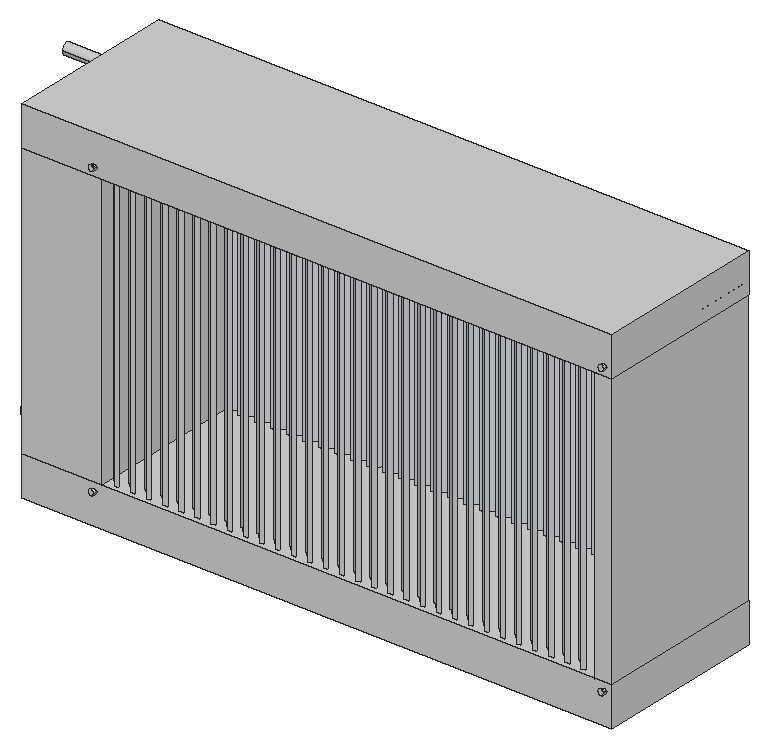
Revit family "НЕВАТОМ_Охладитель OWP-L_20220407", category Оборудование, Revit 2017
Family settings
  Размер круглого соединителя = Использовать диаметр
  Тип детали = Вставляется
  На основе рабочей плоскости = Нет
  Всегда вертикально = Нет
  При загрузке вырезать с полостями = Нет
  Общий = Нет
  Точка расчета площади = Нет
Parameters (values of type "OWP 900-500/4")
  Толщина крышки = 50 mm  # constant formula
  Материал корпуса = Материал корпуса
  t = 2 mm  # constant formula
  l = 30 mm
  d = 20 mm  # constant formula
  Nevatom_Частотный преобразователь = ""
  Nevatom_Регулятор расхода = ""
  Nevatom_URL = "https://t.me/NEVATOM_Bim_bot"
  Nevatom_ Для задания электроснабжения = ""
  N = D / 30 mm  # 31
  K = 1195 mm
  F = 43 mm  # constant formula
  С пр. сеч = 500 mm
  E = 519 mm
  D пр.сеч = 900 mm
  D = 930 mm
  ADSK_Размер_Ширина = 312 mm  # constant formula
  ADSK_Размер_Длина = K  # 1195 mm
  ADSK_Размер_Высота = B  # 643 mm
  ADSK_Материал наименование = "Оцинкованная сталь"  # constant formula
  A = 1076 mm
  C = 530 mm
  B = 643 mm
  ADSK_Ток = 0 A
  ADSK_Полная мощность = 0 kW
  ADSK_Напряжение = 0 V
  ADSK_Расход воздуха = 5500.0 m³/h
  ADSK_Примечание = ""
  ADSK_Потеря давления воздуха = 96.0 Pa
  ADSK_Позиция = ""
  ADSK_Наименование = "ОХЛАДИТЕЛЬ ВОДЯНОЙ"
  ADSK_Масса_Текст = "46,6 кг"
  ADSK_Масса = 46.6
  ADSK_Марка = "OWP 900-500/4-L"
  ADSK_Код изделия = ""
  ADSK_Завод-изготовитель = "NEVATOM"
  ADSK_Единица измерения = "шт."
  5 = 5 mm  # constant formula
  312 = 312 mm  # constant formula
Types (28, lengths in mm): name | N | K | С пр. сеч | E | D пр.сеч | D | ADSK_Размер_Длина | ADSK_Размер_Высота | A | C | B | ADSK_Расход воздуха | ADSK_Потеря давления воздуха | ADSK_Масса_Текст | ADSK_Масса | ADSK_Марка
  (no name) | 31 | 1195 | 500 | 519 | 900 | 930 | 1195 | 643 | 1076 | 530 | 643 | 5500.0 m³/h | 96.0 Pa | "46,6 кг" | 46.6 | "OWP 900-500/4-L"
  OWP 400-200/2 | 14 | 675 | 200 | 219 | 400 | 420 | 675 | 333 | 556 | 220 | 333 | 800.0 m³/h | 31.0 Pa | "17,7 кг" | 17.7 | "ОWP–400*200/2-L"
  OWP 400-200/3 | 14 | 675 | 200 | 219 | 400 | 420 | 675 | 333 | 556 | 220 | 333 | 800.0 m³/h | 47.0 Pa | "17,7 кг" | 17.7 | "ОWP–400*200/3-L"
  OWP 400-200/4 | 14 | 675 | 200 | 219 | 400 | 420 | 675 | 333 | 556 | 220 | 333 | 800.0 m³/h | 67.0 Pa | "18,7 кг" | 18.7 | "ОWP–400*200/4-L"
  OWP 500-250/2 | 17 | 775 | 250 | 269 | 500 | 520 | 775 | 383 | 656 | 270 | 383 | 1250.0 m³/h | 31.0 Pa | "21,4 кг" | 21.4 | "OWP 500-250/2-L"
  OWP 500-250/3 | 17 | 775 | 250 | 269 | 500 | 520 | 775 | 383 | 656 | 270 | 383 | 1250.0 m³/h | 51.0 Pa | "21,2 кг" | 21.2 | "OWP 500-250/3-L"
  OWP 500-250/4 | 17 | 775 | 250 | 269 | 500 | 520 | 775 | 383 | 656 | 270 | 383 | 1250.0 m³/h | 72.0 Pa | "23 кг" | 23 | "OWP 500-250/4-L"
  OWP 500-300/2 | 17 | 775 | 300 | 319 | 500 | 520 | 775 | 433 | 656 | 320 | 433 | 1600.0 m³/h | 35.0 Pa | "23,1 кг" | 23.1 | "OWP 500-300/2-L"
  OWP 500-300/3 | 17 | 775 | 300 | 319 | 500 | 520 | 775 | 433 | 656 | 320 | 433 | 1600.0 m³/h | 58.0 Pa | "22,7 кг" | 22.7 | "OWP 500-300/3-L"
  OWP 500-300/4 | 17 | 775 | 300 | 319 | 500 | 520 | 775 | 433 | 656 | 320 | 433 | 1600.0 m³/h | 79.0 Pa | "24,9 кг" | 24.9 | "OWP 500-300/4-L"
  OWP 600-300/2 | 21 | 875 | 300 | 319 | 600 | 620 | 875 | 433 | 756 | 320 | 433 | 1850.0 m³/h | 37.0 Pa | "25,1 кг" | 25.1 | "OWP 600-300/2-L"
  OWP 600-300/3 | 21 | 875 | 300 | 319 | 600 | 620 | 875 | 433 | 756 | 320 | 433 | 1850.0 m³/h | 56.0 Pa | "25,2 кг" | 25.2 | "OWP 600-300/3-L"
  OWP 600-300/4 | 21 | 875 | 300 | 319 | 600 | 620 | 875 | 433 | 756 | 320 | 433 | 1850.0 m³/h | 73.0 Pa | "27,6 кг" | 27.6 | "OWP 600-300/4-L"
  OWP 600-350/2 | 21 | 875 | 350 | 369 | 600 | 620 | 875 | 483 | 756 | 370 | 483 | 2150.0 m³/h | 37.0 Pa | "27,0 кг" | 27 | "OWP 600-350/2-L"
  OWP 600-350/3 | 21 | 875 | 350 | 369 | 600 | 620 | 875 | 483 | 756 | 370 | 483 | 2150.0 m³/h | 56.0 Pa | "26,7 кг" | 26.7 | "OWP 600-350/3-L"
  OWP 600-350/4 | 21 | 875 | 350 | 369 | 600 | 620 | 875 | 483 | 756 | 370 | 483 | 2150.0 m³/h | 74.0 Pa | "29,6 кг" | 29.6 | "OWP 600-350/4-L"
  OWP 700-400/2 | 24 | 975 | 400 | 419 | 700 | 720 | 975 | 523 | 856 | 420 | 523 | 3500.0 m³/h | 55.0 Pa | "31,0 кг" | 31 | "OWP 700-400/2-L"
  OWP 700-400/3 | 24 | 975 | 400 | 419 | 700 | 720 | 975 | 523 | 856 | 420 | 523 | 3500.0 m³/h | 80.0 Pa | "30,6 кг" | 30.6 | "OWP 700-400/3-L"
  OWP 700-400/4 | 24 | 975 | 400 | 419 | 700 | 720 | 975 | 523 | 856 | 420 | 523 | 3500.0 m³/h | 104.0 Pa | "34,6 кг" | 34.6 | "OWP 700-400/4-L"
  OWP 800-500/2 | 28 | 1095 | 500 | 519 | 800 | 830 | 1095 | 643 | 976 | 530 | 643 | 5000.0 m³/h | 56.0 Pa | "38,2 кг" | 38.2 | "OWP 800-500/2-L"
  OWP 800-500/3 | 28 | 1095 | 500 | 519 | 800 | 830 | 1095 | 643 | 976 | 530 | 643 | 5000.0 m³/h | 81.0 Pa | "37,3 кг" | 37.3 | "OWP 800-500/3-L"
  OWP 800-500/4 | 28 | 1095 | 500 | 519 | 800 | 830 | 1095 | 643 | 976 | 530 | 643 | 5000.0 m³/h | 97.0 Pa | "43,1 кг" | 43.1 | "OWP 800-500/4-L"
  OWP 900-500/2 | 31 | 1195 | 500 | 519 | 900 | 930 | 1195 | 643 | 1076 | 530 | 643 | 5500.0 m³/h | 54.0 Pa | "42,1 кг" | 42.1 | "OWP 900-500/2-L"
  OWP 900-500/3 | 31 | 1195 | 500 | 519 | 900 | 930 | 1195 | 643 | 1076 | 530 | 643 | 5500.0 m³/h | 77.0 Pa | "39,6 кг" | 39.6 | "OWP 900-500/3-L"
  OWP 900-500/4 | 31 | 1195 | 500 | 519 | 900 | 930 | 1195 | 643 | 1076 | 530 | 643 | 5500.0 m³/h | 96.0 Pa | "46,6 кг" | 46.6 | "OWP 900-500/4-L"
  OWP 1000-500/2 | 34 | 1295 | 500 | 519 | 1000 | 1030 | 1295 | 643 | 1176 | 530 | 643 | 6000.0 m³/h | 54.0 Pa | "45,2 кг" | 45.2 | "OWP 1000-500/2-L"
  OWP 1000-500/3 | 34 | 1295 | 500 | 519 | 1000 | 1030 | 1295 | 643 | 1176 | 530 | 643 | 6000.0 m³/h | 77.0 Pa | "42,4 кг" | 42.4 | "OWP 1000-500/3-L"
  OWP 1000-500/4 | 34 | 1295 | 500 | 519 | 1000 | 1030 | 1295 | 643 | 1176 | 530 | 643 | 6000.0 m³/h | 95.0 Pa | "49,8 кг" | 49.8 | "OWP 1000-500/4-L"
Reference planes
  plane 1 "По центру (Вперед/Назад)": y = 0
  plane 2: z = 100.007
  plane 3 "По центру (Влево/Вправо)": x = 0
  plane 4: z = 359.507
  plane 5: z = -159.493
  plane 6: x = 450
  plane 7: x = -450
  plane 8: z = 350.007
  plane 9: z = -149.993
  plane 10: z = 421.507
  plane 11: z = -221.493
  plane 12: x = 480
  plane 13: x = -596
  plane 14: x = -465
  plane 15: x = 465
  plane 16: y = -156
  plane 17: y = 156
  plane 18: x = -715
  plane 19: y = 96.5
  plane 20: y = 53.5
  plane 21: z = -185.743
  plane 22: z = 365.007
  plane 23: z = -164.993
Forms (mm)
  Extrusion 1, solid, material "Материал корпуса"
    sketch origin (0, 0, 0) x (1, 0, 0) y (0, 0, 1)
      loop
        line (-596, 421.507) -> (-596, 350.007) -> (480, 350.007) -> (480, 421.507) -> (-596, 421.507)
      loop
        line (-596, -221.493) -> (480, -221.493) -> (480, -149.993) -> (-596, -149.993) -> (-596, -221.493)
    from -156 to 156
  Extrusion 2, solid, material "Материал корпуса" <- "Материал корпуса"
    sketch origin (0, 0, 0) x (1, 0, 0) y (0, 0, 1)
      loop
        circle (-465, 365.007) r 5
      loop
        circle (465, 365.007) r 5
      loop
        circle (465, -164.993) r 5
      loop
        circle (-465, -164.993) r 5
    from -161 to 161
  Extrusion 3, solid, material "Материал корпуса"
    sketch origin (0, 0, 100.007) x (1, 0, 0) y (0, 1, 0)
      loop
        line (450, 156) -> (450, -156) -> (480, -156) -> (480, 156) -> (450, 156)
      loop
        line (-596, 156) -> (-596, -156) -> (-450, -156) -> (-450, 156) -> (-596, 156)
    from -250 to 250
  Extrusion 4, solid, material "Материал корпуса"
    sketch origin (-280, 0, 0) x (0, 1, 0) y (0, 0, -1)
      loop
        circle (0, 185.743) r 10
      loop
        circle (53.5, 159.493) r 10
      loop
        circle (96.5, -359.507) r 10
    from 316 to 435
Dimensions and locks
  "A": plane 12 to plane 13
  equal spacing: plane 6, plane 3 "По центру (Влево/Вправо)", plane 7
  "D пр.сеч": plane 6 to plane 7
  "l": plane 12 to plane 6
  equal spacing: plane 8, level, plane 9
  "С пр. сеч": plane 8 to plane 9
  equal spacing: plane 4, plane 2, plane 5
  "E": plane 4 to plane 5
  "B": plane 10 to plane 11
  equal spacing: plane 10, plane 2, plane 11
  equal spacing: plane 17, plane 1 "По центру (Вперед/Назад)", plane 16
  "312": plane 17 to plane 16
  plane 18 to plane 13 = 119 mm
  plane 13 to plane 12 = 1076 mm
  equal spacing: plane 15, plane 3 "По центру (Влево/Вправо)", plane 14
  "D": plane 15 to plane 14
  equal spacing: plane 9, plane 21, plane 11
  "F": plane 20 to plane 19
  plane 1 "По центру (Вперед/Назад)" to plane 20 = 53.5 mm
  locked: plane 19 to plane 17 at 59.5
  equal spacing: group 1, group 3, group 4, group 5, group 6, group 7, group 8, group 9, group 10, group 11, group 12, group 13, group 14, group 29, group 30, group 31, group 32, group 33, group 34, group 35, group 43, group 44, group 45, group 49, group 50, group 51, group 52, group 53, group 54, group 55, group 2  (x3)
  locked: nested 15 to plane 16 at 10
  equal spacing: group 16, group 62, group 61, group 60, group 59, group 58, group 57, group 56, group 48, group 47, group 46, group 42, group 41, group 40, group 39, group 38, group 37, group 36, group 28, group 27, group 26, group 25, group 24, group 23, group 22, group 21, group 20, group 19, group 18, group 17, group 15
  equal spacing: group 15, group 17, group 18, group 19, group 20, group 21, group 22, group 23, group 24, group 25, group 26, group 27, group 28, group 36, group 37, group 38, group 39, group 40, group 41, group 42, group 46, group 47, group 48, group 56, group 57, group 58, group 59, group 60, group 61, group 62, group 16  (x2)
  "5": Extrusion 2 to plane 17
  "5": plane 16 to Extrusion 2
  "K": plane 12 to plane 18
  equal spacing: plane 22, plane 2, plane 23
  "C": plane 22 to plane 23
  "d": diameter of Extrusion 4 sketch curve  (x3)
  diameter of Extrusion 2 sketch curve = 10 mm  (x4)
  aligned and locked: level to plane 2
  aligned and locked: Extrusion 1 sketch curve to plane 10
  aligned and locked: plane 13 to Extrusion 1 sketch curve
  aligned and locked: plane 8 to Extrusion 1 sketch curve
  aligned and locked: Extrusion 1 sketch curve to plane 12
  aligned and locked: Extrusion 1 sketch curve to plane 11
  aligned and locked: Extrusion 1 sketch curve to plane 13
  aligned and locked: plane 9 to Extrusion 1 sketch curve
  aligned and locked: plane 12 to Extrusion 1 sketch curve
  aligned and locked: plane 17 to Extrusion 1
  aligned and locked: Extrusion 1 to plane 16
  aligned and locked: plane 7 to nested 1
  aligned and locked: plane 6 to nested 2
  aligned and locked: nested 15 to plane 6
  aligned and locked: nested 16 to plane 7
  aligned and locked: plane 14 to Extrusion 2 sketch curve  (x2)
  aligned and locked: plane 15 to Extrusion 2 sketch curve  (x2)
  aligned and locked: Extrusion 3 to Extrusion 1
  aligned and locked: Extrusion 3 sketch curve to Extrusion 1  (x2)
  aligned and locked: plane 16 to Extrusion 3 sketch curve
  aligned and locked: Extrusion 3 sketch curve to plane 7
  aligned and locked: plane 8 to Extrusion 3
  aligned and locked: plane 13 to Extrusion 4
  aligned and locked: Extrusion 4 to plane 18
  aligned and locked: plane 5 to Extrusion 4 sketch curve
  aligned and locked: plane 20 to Extrusion 4 sketch curve
  aligned and locked: plane 22 to Extrusion 2 sketch curve  (x2)
  aligned and locked: plane 23 to Extrusion 2 sketch curve  (x2)
  aligned and locked: nested 49 to Extrusion 1  (x2)
  aligned and locked: Extrusion 1 to nested 49
Automatic sketch dimensions
  Extrusion 3 sketch curve to plane 6 = 0 mm
  Extrusion 3 sketch curve to plane 12 = 0 mm
  Extrusion 3 sketch curve to plane 16 = 0 mm
  Extrusion 3 sketch curve to plane 17 = 0 mm
  Extrusion 4 sketch curve to plane 1 "По центру (Вперед/Назад)" = 0 mm
  Extrusion 4 sketch curve to plane 4 = 0 mm
  Extrusion 4 sketch curve to plane 19 = 0 mm
  Extrusion 4 sketch curve to plane 21 = 0 mm
Nested families
  nested 1: "Семейство1" at (-440, 134, 100.007), type "Семейство1"
    with E 500 mm, 20 20 mm
  nested 2: "Семейство1" at (440, 134, 100.007), type "Семейство1"
    with E 500 mm, 20 20 mm
  nested 3: "Семейство1" at (-410.667, 134, 100.007), type "Семейство1"
    with E 500 mm, 20 20 mm
  nested 4: "Семейство1" at (-381.333, 134, 100.007), type "Семейство1"
    with E 500 mm, 20 20 mm
  nested 5: "Семейство1" at (-352, 134, 100.007), type "Семейство1"
    with E 500 mm, 20 20 mm
  nested 6: "Семейство1" at (-322.667, 134, 100.007), type "Семейство1"
    with E 500 mm, 20 20 mm
  nested 7: "Семейство1" at (-293.333, 134, 100.007), type "Семейство1"
    with E 500 mm, 20 20 mm
  nested 8: "Семейство1" at (-264, 134, 100.007), type "Семейство1"
    with E 500 mm, 20 20 mm
  nested 9: "Семейство1" at (-234.667, 134, 100.007), type "Семейство1"
    with E 500 mm, 20 20 mm
  nested 10: "Семейство1" at (-205.333, 134, 100.007), type "Семейство1"
    with E 500 mm, 20 20 mm
  nested 11: "Семейство1" at (-176, 134, 100.007), type "Семейство1"
    with E 500 mm, 20 20 mm
  nested 12: "Семейство1" at (-146.667, 134, 100.007), type "Семейство1"
    with E 500 mm, 20 20 mm
  nested 13: "Семейство1" at (-117.333, 134, 100.007), type "Семейство1"
    with E 500 mm, 20 20 mm
  nested 14: "Семейство1" at (-88, 134, 100.007), type "Семейство1"
    with E 500 mm, 20 20 mm
  nested 15: "Семейство1" at (440, -136, 100.007), type "Семейство1"
    with E 500 mm, 20 20 mm
  nested 16: "Семейство1" at (-440, -136, 100.007), type "Семейство1"
    with E 500 mm, 20 20 mm
  nested 17: "Семейство1" at (410.667, -136, 100.007), type "Семейство1"
    with E 500 mm, 20 20 mm
  nested 18: "Семейство1" at (381.333, -136, 100.007), type "Семейство1"
    with E 500 mm, 20 20 mm
  nested 19: "Семейство1" at (352, -136, 100.007), type "Семейство1"
    with E 500 mm, 20 20 mm
  nested 20: "Семейство1" at (322.667, -136, 100.007), type "Семейство1"
    with E 500 mm, 20 20 mm
  nested 21: "Семейство1" at (293.333, -136, 100.007), type "Семейство1"
    with E 500 mm, 20 20 mm
  nested 22: "Семейство1" at (264, -136, 100.007), type "Семейство1"
    with E 500 mm, 20 20 mm
  nested 23: "Семейство1" at (234.667, -136, 100.007), type "Семейство1"
    with E 500 mm, 20 20 mm
  nested 24: "Семейство1" at (205.333, -136, 100.007), type "Семейство1"
    with E 500 mm, 20 20 mm
  nested 25: "Семейство1" at (176, -136, 100.007), type "Семейство1"
    with E 500 mm, 20 20 mm
  nested 26: "Семейство1" at (146.667, -136, 100.007), type "Семейство1"
    with E 500 mm, 20 20 mm
  nested 27: "Семейство1" at (117.333, -136, 100.007), type "Семейство1"
    with E 500 mm, 20 20 mm
  nested 28: "Семейство1" at (88, -136, 100.007), type "Семейство1"
    with E 500 mm, 20 20 mm
  nested 29: "Семейство1" at (-58.667, 134, 100.007), type "Семейство1"
    with E 500 mm, 20 20 mm
  nested 30: "Семейство1" at (-29.333, 134, 100.007), type "Семейство1"
    with E 500 mm, 20 20 mm
  nested 31: "Семейство1" at (0, 134, 100.007), type "Семейство1"
    with E 500 mm, 20 20 mm
  nested 32: "Семейство1" at (29.333, 134, 100.007), type "Семейство1"
    with E 500 mm, 20 20 mm
  nested 33: "Семейство1" at (58.667, 134, 100.007), type "Семейство1"
    with E 500 mm, 20 20 mm
  nested 34: "Семейство1" at (88, 134, 100.007), type "Семейство1"
    with E 500 mm, 20 20 mm
  nested 35: "Семейство1" at (117.333, 134, 100.007), type "Семейство1"
    with E 500 mm, 20 20 mm
  nested 36: "Семейство1" at (58.667, -136, 100.007), type "Семейство1"
    with E 500 mm, 20 20 mm
  nested 37: "Семейство1" at (29.333, -136, 100.007), type "Семейство1"
    with E 500 mm, 20 20 mm
  nested 38: "Семейство1" at (0, -136, 100.007), type "Семейство1"
    with E 500 mm, 20 20 mm
  nested 39: "Семейство1" at (-29.333, -136, 100.007), type "Семейство1"
    with E 500 mm, 20 20 mm
  nested 40: "Семейство1" at (-58.667, -136, 100.007), type "Семейство1"
    with E 500 mm, 20 20 mm
  nested 41: "Семейство1" at (-88, -136, 100.007), type "Семейство1"
    with E 500 mm, 20 20 mm
  nested 42: "Семейство1" at (-117.333, -136, 100.007), type "Семейство1"
    with E 500 mm, 20 20 mm
  nested 43: "Семейство1" at (146.667, 134, 100.007), type "Семейство1"
    with E 500 mm, 20 20 mm
  nested 44: "Семейство1" at (176, 134, 100.007), type "Семейство1"
    with E 500 mm, 20 20 mm
  nested 45: "Семейство1" at (205.333, 134, 100.007), type "Семейство1"
    with E 500 mm, 20 20 mm
  nested 46: "Семейство1" at (-146.667, -136, 100.007), type "Семейство1"
    with E 500 mm, 20 20 mm
  nested 47: "Семейство1" at (-176, -136, 100.007), type "Семейство1"
    with E 500 mm, 20 20 mm
  nested 48: "Семейство1" at (-205.333, -136, 100.007), type "Семейство1"
    with E 500 mm, 20 20 mm
  nested 49: "Nevatom_Logo" at (-496, 56, 421.507), type "Nevatom_Logo_200x200", not visible
  nested 50: "Семейство1" at (234.667, 134, 100.007), type "Семейство1"
    with E 500 mm, 20 20 mm
  nested 51: "Семейство1" at (264, 134, 100.007), type "Семейство1"
    with E 500 mm, 20 20 mm
  nested 52: "Семейство1" at (293.333, 134, 100.007), type "Семейство1"
    with E 500 mm, 20 20 mm
  nested 53: "Семейство1" at (322.667, 134, 100.007), type "Семейство1"
    with E 500 mm, 20 20 mm
  nested 54: "Семейство1" at (352, 134, 100.007), type "Семейство1"
    with E 500 mm, 20 20 mm
  nested 55: "Семейство1" at (381.333, 134, 100.007), type "Семейство1"
    with E 500 mm, 20 20 mm
  nested 56: "Семейство1" at (410.667, 134, 100.007), type "Семейство1"
    with E 500 mm, 20 20 mm
  nested 57: "Семейство1" at (-234.667, -136, 100.007), type "Семейство1"
    with E 500 mm, 20 20 mm
  nested 58: "Семейство1" at (-264, -136, 100.007), type "Семейство1"
    with E 500 mm, 20 20 mm
  nested 59: "Семейство1" at (-293.333, -136, 100.007), type "Семейство1"
    with E 500 mm, 20 20 mm
  nested 60: "Семейство1" at (-322.667, -136, 100.007), type "Семейство1"
    with E 500 mm, 20 20 mm
  nested 61: "Семейство1" at (-352, -136, 100.007), type "Семейство1"
    with E 500 mm, 20 20 mm
  nested 62: "Семейство1" at (-381.333, -136, 100.007), type "Семейство1"
    with E 500 mm, 20 20 mm
  nested 63: "Семейство1" at (-410.667, -136, 100.007), type "Семейство1"
    with E 500 mm, 20 20 mm
Connectors
  hvac at (0, 156, 100.007), driven by "С пр. сеч", driven by "D пр.сеч"
    settings: on Extrusion 3, index 1, duct flow 0.0 m³/h, flow factor 0, pres drop 0.0 Pa, loss coef 0, conn angle 0.00°, conn width 900 mm, conn height 500 mm, conn diameter 609.6 mm, duct sys type 29, conn prof type 1, flow config 0, flow direction 0, loss method 0, conn ref index -1, conn util no, is conn primary yes, conn desc ""
  hvac at (0, -156, 100.007), driven by "С пр. сеч", driven by "D пр.сеч"
    settings: on Extrusion 3, index 2, duct flow 0.0 m³/h, flow factor 0, pres drop 0.0 Pa, loss coef 0, conn angle 0.00°, conn width 900 mm, conn height 500 mm, conn diameter 609.6 mm, duct sys type 29, conn prof type 1, flow config 0, flow direction 0, loss method 0, conn ref index -1, conn util no, is conn primary no, conn desc ""
  piping at (-715, 96.5, 359.507), diameter 20, driven by "d"
    settings: on Extrusion 4, index 3, connector inside diameter 609.6 mm, connector length 0 mm, flow factor 0, pipe flow 0.0 L/s, pressure drop 0.0 Pa, fitting loss kfactor 0, connector angle 0.00°, fixture units 0, engagement length 0 mm, angle of deflection 0.00°, flow configuration 0, flow direction 0, fitting loss method 0, system type 29, joint type 0, gender type 0, connector reference index -1, connector utility 0, adjustable connector no, is connector primary yes, connector description ""
  piping at (-715, 53.5, -159.493), diameter 20, driven by "d"
    settings: on Extrusion 4, index 4, connector inside diameter 609.6 mm, connector length 0 mm, flow factor 0, pipe flow 0.0 L/s, pressure drop 0.0 Pa, fitting loss kfactor 0, connector angle 0.00°, fixture units 0, engagement length 0 mm, angle of deflection 0.00°, flow configuration 0, flow direction 0, fitting loss method 0, system type 28, joint type 0, gender type 0, connector reference index -1, connector utility 0, adjustable connector no, is connector primary no, connector description ""
  piping at (-715, 0, -185.743), diameter 20, driven by "d"
    settings: on Extrusion 4, index 5, connector inside diameter 609.6 mm, connector length 0 mm, flow factor 0, pipe flow 0.0 L/s, pressure drop 0.0 Pa, fitting loss kfactor 0, connector angle 0.00°, fixture units 0, engagement length 0 mm, angle of deflection 0.00°, flow configuration 0, flow direction 0, fitting loss method 0, system type 28, joint type 0, gender type 0, connector reference index -1, connector utility 0, adjustable connector no, is connector primary no, connector description ""
Definition of nested family "Семейство1"
  Parameters (values of type "Семейство1")
    E = 196.412 mm
    20 = 50 mm
  Reference planes
    plane 1 "По центру (Вперед/Назад)": y = 0
    plane 2: z = 0
    plane 3 "По центру (Влево/Вправо)": x = 0
    plane 4: x = 25
    plane 5: x = -25
    plane 6: y = -25
    plane 7: y = 25
    plane 8: z = 98.206
    plane 9: z = -98.206
    plane 10: through (-652.191, -652.191, 1200) normal (-0.7071, 0.7071, 0)
  Forms (mm)
    Extrusion 1, solid
      sketch origin (-23.125, 9.105, 0) x (0.707107, 0.707107, 0) y (-0.707107, 0.707107, 0)
        loop
          line (-22.652, -25.581) -> (48.059, -25.581) -> (42.478, -20) -> (-28.232, -20) -> (-22.652, -25.581)
      from -98.206 to 98.206
  Dimensions and locks
    "E": plane 8 to plane 9
    equal spacing: plane 5, plane 3 "По центру (Влево/Вправо)", plane 4
    equal spacing: plane 7, plane 1 "По центру (Вперед/Назад)", plane 6
    "20": plane 5 to plane 4
    "20": plane 7 to plane 6
    Extrusion 1 to plane 10 to Extrusion 1 = 2.79 mm, 2.79 mm
    equal spacing: Extrusion 1 sketch curve, plane 10, Extrusion 1 sketch curve
    Extrusion 1 sketch curve to Extrusion 1 sketch curve = 5.581 mm
    equal spacing: plane 8, level, plane 9
    locked: plane 1 "По центру (Вперед/Назад)" to plane 10 (angle 45.00°)
    aligned and locked: level to plane 2
    aligned and locked: Extrusion 1 sketch curve to plane 6
    aligned and locked: plane 7 to Extrusion 1 sketch curve
    aligned and locked: plane 8 to Extrusion 1
    aligned and locked: Extrusion 1 to plane 9
Definition of nested family "Nevatom_Logo"
  Parameters (values of type "Nevatom_Logo_50x50")
    Logo_Image = none
    L = 2 mm
    B = A  # 50 mm
    A = 50 mm
  Types (5, lengths in mm): name | B | A
    (no name) | 50 | 50
    Nevatom_Logo_200x200 | 200 | 200
    Nevatom_Logo_100x100 | 100 | 100
    Nevatom_Logo_50x50 | 50 | 50
    Nevatom_Logo_25x25 | 25 | 25
  Reference planes
    plane 1 "По центру (Вперед/Назад)": y = 0
    plane 2: z = 0
    plane 3 "По центру (Влево/Вправо)": x = 0
    plane 4: x = -25
    plane 5: x = 25
    plane 6: y = 25
    plane 7: y = -25
  Forms (mm)
    Extrusion 1, solid, material <- "Logo_Image"
      sketch origin (0, 0, 0) x (1, 0, 0) y (0, 1, 0)
        loop
          line (-25, 25) -> (-25, -25) -> (25, -25) -> (25, 25) -> (-25, 25)
      from 0 to 2 <- "L"
  Lines and regions (mm)
    reference lines
      curve 1: line (-25, 25, 0) -> (25, 25, 0)
      curve 2: line (25, 25, 0) -> (25, -25, 0)
      curve 3: line (25, -25, 0) -> (-25, -25, 0)
      curve 4: line (-25, -25, 0) -> (-25, 25, 0)
  Dimensions and locks
    equal spacing: plane 4, plane 3 "По центру (Влево/Вправо)", plane 5
    "A": plane 4 to plane 5
    equal spacing: plane 6, plane 1 "По центру (Вперед/Назад)", plane 7
    "B": plane 6 to plane 7
    aligned and locked: level to plane 2
    aligned and locked: plane 6 to curve 1
    aligned and locked: plane 4 to curve 4
    aligned and locked: plane 5 to curve 2
    aligned and locked: plane 7 to curve 3
    aligned and locked: Extrusion 1 sketch curve to curve 1
    aligned and locked: Extrusion 1 sketch curve to curve 4
    aligned and locked: Extrusion 1 sketch curve to curve 3
    aligned and locked: Extrusion 1 sketch curve to curve 2
